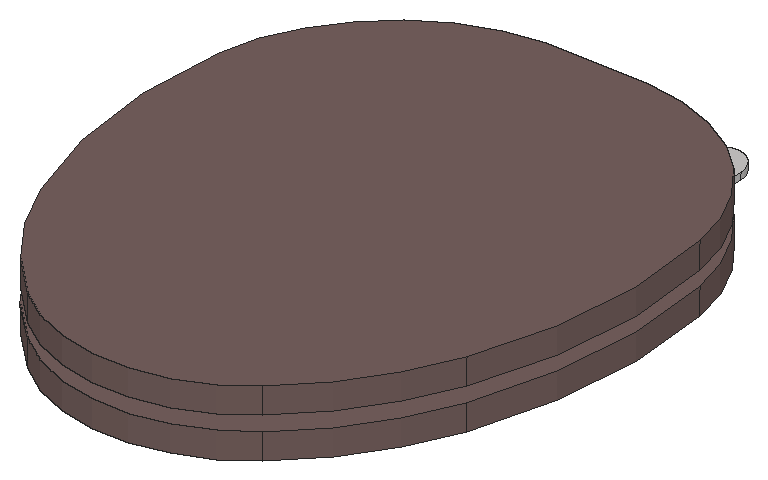
Revit family
Parameters
  Waste Connection = no
  Vent Connection = no
  URL = "http://www.totousa.com"
  Series = "SoftClose"
  Seat Material = Maple Wood
  Product URL = "http://www.totousa.com/ProductDetail/tabid/75/Default.aspx?ProductId=7e6f593f-783d-48ae-904a-da1e24e77ec1&SearchId=96825fd2-4b66-4c88-8c5b-93146a887687"
  Nominal Width = 1' - 2 1/4"  # constant formula
  Nominal Length = 1' - 6 1/2"  # constant formula
  Nominal Height = 0' - 2 19/128"  # constant formula
  Model = "SS304"
  Masking Height = 1' - 8"
  Manufacturer = "TOTO"
  Lid [instance] = yes
  Symbolic Lines [instance] = not(Lid)  # no
  HW Connection = no
  Description = "Elongated Maple Seat"
  CW Connection = no
  CADworks URL = "http://www.CADworks.net"
  Assembly Code = "D2090900"
Reference planes (in)
  plane 1 "Center (Front/Back)": y = 3.46154
  plane 2: z = -0.00274
  plane 3 "Center (Left/Right)": x = 13.51731
  plane 4: x = 6.39231
  plane 5: x = 20.64231
  plane 6: y = 12.71154
  plane 7: y = -5.78846
  plane 8: x = 10.76731
  plane 9: x = 16.26731
  plane 10: z = 2.1457
  plane 11: z = 19.99726
Forms (in)
  Extrusion 1, solid, material "Maple Wood" <- "Seat Material"
    sketch origin (13.51731, 3.46154, 0) x (-1, 0, 0) y (0, -1, 0)
      loop
        arc (6.16455, 4.07649) -> (5.02623, 6.19948) -> (3.41154, 7.98711) r 9.96061
        arc (3.41154, 7.98711) -> (0, 9.26142) -> (-3.41154, 7.98711) r 5.20376
        arc (-3.41154, 7.98711) -> (-5.02623, 6.19948) -> (-6.16455, 4.07649) r 9.96061
        arc (-6.16455, 4.07649) -> (-7.05795, 0.39335) -> (-6.95182, -3.39511) r 14.29131
        arc (-6.95182, -3.39511) -> (-5.08612, -6.82638) -> (-1.4868, -8.34273) r 5.9055
        arc (-1.4868, -8.34273) -> (-0.74376, -8.3769) -> (0, -8.38765) r 23.622
        arc (0, -8.38765) -> (0.74376, -8.3769) -> (1.4868, -8.34273) r 23.622
        arc (1.4868, -8.34273) -> (5.08612, -6.82638) -> (6.95182, -3.39511) r 5.9055
        arc (6.95182, -3.39511) -> (7.05795, 0.39335) -> (6.16455, 4.07649) r 14.29131
      loop
        arc (-1.38407, 5.72176) -> (-2.51244, 4.47254) -> (-3.30791, 2.98896) r 6.96061
        arc (-3.30791, 2.98896) -> (-4.01377, 0.07898) -> (-3.92992, -2.91421) r 11.29131
        arc (-3.92992, -2.91421) -> (-3.012, -4.60239) -> (-1.24114, -5.34844) r 2.9055
        arc (-1.24114, -5.34844) -> (0.03035, -5.38767) -> (1.30183, -5.34844) r 20.622
        arc (1.30183, -5.34844) -> (3.07269, -4.60239) -> (3.99062, -2.91421) r 2.9055
        arc (3.99062, -2.91421) -> (4.07447, 0.07898) -> (3.36861, 2.98896) r 11.29131
        arc (3.36861, 2.98896) -> (2.57313, 4.47254) -> (1.44476, 5.72176) r 6.96061
        arc (1.44476, 5.72176) -> (0.03035, 6.25009) -> (-1.38407, 5.72176) r 2.15747
    from 0.21005 to 0.96597
  Extrusion 2, solid, material "Polished Chrome", detail levels fine
    sketch origin (13.51731, 3.46154, 0) x (-1, 0, 0) y (0, -1, 0)
      loop
        arc (-3.51295, -9.15539) -> (-2.72555, -9.94279) -> (-1.93815, -9.15539) r 0.7874
        line (-1.93815, -9.15539) -> (-1.93815, -8.74879) -> (-1.20063, -8.74879)
        arc (-1.20063, -8.74879) -> (-1.1789, -8.73488) -> (-1.17044, -8.7105) r 0.03937
        line (-1.17044, -8.7105) -> (-1.17044, -8.35405)
        arc (-1.17044, -8.35405) -> (-2.36859, -8.20596) -> (-3.51295, -7.82133) r 6.00836
        line (-3.51295, -7.82133) -> (-3.51295, -9.15539)
      loop
        line (3.5705, -9.15539) -> (3.5705, -7.82133)
        arc (3.5705, -7.82133) -> (2.42614, -8.20596) -> (1.22798, -8.35405) r 6.00836
        line (1.22798, -8.35405) -> (1.22798, -8.7105)
        arc (1.22798, -8.7105) -> (1.23644, -8.73488) -> (1.25818, -8.74879) r 0.03937
        line (1.25818, -8.74879) -> (1.9957, -8.74879) -> (1.9957, -9.15539)
        arc (1.9957, -9.15539) -> (2.7831, -9.94279) -> (3.5705, -9.15539) r 0.7874
    from 0 to 0.1772
  Extrusion 3, solid, material "Polished Chrome", detail levels fine
    sketch origin (13.51731, 3.46154, 0) x (-1, 0, 0) y (0, -1, 0)
      loop
        arc (-1.58382, -8.32941) -> (-1.38191, -8.34608) -> (-1.17946, -8.35384) r 4.59882
        line (-1.17946, -8.35384) -> (-1.17946, -6.57941)
        arc (-1.17946, -6.57941) -> (-1.38164, -6.37723) -> (-1.58382, -6.57941) r 0.20218
        line (-1.58382, -6.57941) -> (-1.58382, -8.32941)
      loop
        line (1.64137, -8.32941) -> (1.64137, -6.57941)
        arc (1.64137, -6.57941) -> (1.43919, -6.37723) -> (1.23701, -6.57941) r 0.20218
        line (1.23701, -6.57941) -> (1.23701, -8.35384)
        arc (1.23701, -8.35384) -> (1.43946, -8.34608) -> (1.64137, -8.32941) r 4.59882
    from -0.00274 to 0.1772
  Extrusion 4, solid, material "Maple Wood" <- "Seat Material", detail levels fine
    sketch origin (13.44864, 3.39879, 0) x (-1, 0, 0) y (0, -1, 0)
      loop
        circle (0, 7.7392) r 0.75
      loop
        circle (0, 7.7392) r 0.5
      loop
        circle (-5.05145, 3.64862) r 0.75
      loop
        circle (-5.05145, 3.64862) r 0.5
      loop
        circle (-4.63276, -4.34041) r 0.75
      loop
        circle (-4.63276, -4.34041) r 0.5
      loop
        circle (5.05145, 3.64862) r 0.75
      loop
        circle (5.05145, 3.64862) r 0.5
      loop
        circle (4.63276, -4.34041) r 0.75
      loop
        circle (4.63276, -4.34041) r 0.5
    from 0 to 0.21005
  Extrusion 5, solid, material "Maple Wood" <- "Seat Material", visible <- "Lid"
    sketch origin (13.51731, 3.46154, 0) x (-1, 0, 0) y (0, -1, 0)
      loop
        arc (1.4868, -8.34273) -> (5.08612, -6.82638) -> (6.95182, -3.39511) r 5.9055
        arc (6.95182, -3.39511) -> (7.05795, 0.39335) -> (6.16455, 4.07649) r 14.29131
        arc (6.16455, 4.07649) -> (5.02623, 6.19948) -> (3.41154, 7.98711) r 9.96061
        arc (3.41154, 7.98711) -> (0, 9.26142) -> (-3.41154, 7.98711) r 5.20376
        arc (-3.41154, 7.98711) -> (-5.02623, 6.19948) -> (-6.16455, 4.07649) r 9.96061
        arc (-6.16455, 4.07649) -> (-7.05795, 0.39335) -> (-6.95182, -3.39511) r 14.29131
        arc (-6.95182, -3.39511) -> (-5.08612, -6.82638) -> (-1.4868, -8.34273) r 5.9055
        arc (-1.4868, -8.34273) -> (0, -8.38861) -> (1.4868, -8.34273) r 24.11417
    from 1.39767 to 2.1457
  Extrusion 6, solid, material "Polished Chrome", visible <- "Lid", detail levels fine
    sketch origin (13.51731, 0, 0) x (0, -1, 0) y (0, 0, 1)
      loop
        line (-12.45725, 0.17857) -> (-11.83485, 0.17857) -> (-11.83485, 0.57227)
        arc (-11.83485, 0.57227) -> (-11.72034, 0.84872) -> (-11.44389, 0.96323) r 0.39096
        line (-11.44389, 0.96323) -> (-9.00722, 0.96323)
        arc (-9.00722, 0.96323) -> (-8.97939, 0.97477) -> (-8.96787, 1.0026) r 0.03937
        line (-8.96787, 1.0026) -> (-8.96787, 1.3583)
        arc (-8.96787, 1.3583) -> (-8.9794, 1.38614) -> (-9.00724, 1.39767) r 0.03937
        line (-9.00724, 1.39767) -> (-12.15782, 1.39767)
        arc (-12.15782, 1.39767) -> (-12.30808, 1.34372) -> (-12.3897, 1.20652) r 0.23622
        line (-12.3897, 1.20652) -> (-12.45725, 0.85902) -> (-12.45725, 0.17857)
    from -0.89768 to 0.9417
  Revolve 7, solid, material "Maple Wood" <- "Seat Material", visible <- "Lid", detail levels fine
    sketch origin (0, 3.46154, -0.00362) x (-1, 0, 0) y (0, 0, 1)
      loop
        arc (-19.46041, 1.00422) -> (-19.43256, 0.9788) -> (-19.396, 0.96959) r 0.07723
        line (-19.396, 0.96959) -> (-18.94711, 0.96959) -> (-18.94711, 1.40112) -> (-19.55106, 1.40112) -> (-19.53793, 1.27385)
        arc (-19.53793, 1.27385) -> (-19.48696, 1.14254) -> (-19.46041, 1.00422) r 0.78059
      axis (-18.94711, 0.96959) -> (-18.94711, 1.40112)
    angle from 0 to 360
  Revolve 8, solid, material "Maple Wood" <- "Seat Material", visible <- "Lid", detail levels fine
    sketch origin (0, 3.46154, -0.00121) x (1, 0, 0) y (0, 0, 1)
      loop
        arc (7.56592, 1.0746) -> (7.57337, 1.00085) -> (7.63877, 0.96597) r 0.07874
        line (7.63877, 0.96597) -> (8.08751, 0.96597) -> (8.08751, 1.40009) -> (7.48356, 1.40009) -> (7.5005, 1.28702)
        arc (7.5005, 1.28702) -> (7.54085, 1.18316) -> (7.56592, 1.0746) r 0.77671
      axis (8.08751, 0.96597) -> (8.08751, 1.40009)
    angle from 0 to 360
Lines and regions (in)
  Masking region 1
    outline origin (-33.60769, -180, 19.99726) x (0, -1, 0) y (1, 0, 0)
      loop
        arc (-175.47443, 50.47585) -> (-177.26206, 52.09054) -> (-179.38505, 53.22886) r 9.96061
        arc (-179.38505, 53.22886) -> (-183.06819, 54.12226) -> (-186.85665, 54.01613) r 14.29131
        arc (-186.85665, 54.01613) -> (-190.28792, 52.15043) -> (-191.80427, 48.55111) r 5.9055
        arc (-191.80427, 48.55111) -> (-191.84921, 47.09465) -> (-191.80427, 45.6382) r 23.622
        arc (-191.80427, 45.6382) -> (-190.28792, 42.03888) -> (-186.85665, 40.17318) r 5.9055
        arc (-186.85665, 40.17318) -> (-183.06819, 40.06705) -> (-179.38505, 40.96045) r 14.29131
        arc (-179.38505, 40.96045) -> (-177.26206, 42.09877) -> (-175.47443, 43.71346) r 9.96061
        arc (-175.47443, 43.71346) -> (-174.21145, 47.09465) -> (-175.47443, 50.47585) r 5.15747
  symbolic lines, visible <- "Symbolic Lines"
    curve 1: arc (14.90138, -2.26022, 0) -> (13.48696, -2.78855, 0) -> (12.07254, -2.26022, 0) r 2.15747
    curve 2: arc (12.07254, -2.26022, 0) -> (10.94417, -1.011, 0) -> (10.1487, 0.47257, 0) r 6.96061
    curve 3: arc (10.1487, 0.47257, 0) -> (9.44284, 3.38256, 0) -> (9.52669, 6.37575, 0) r 11.29131
    curve 4: arc (9.52669, 6.37575, 0) -> (10.44461, 8.06393, 0) -> (12.21547, 8.80997, 0) r 2.9055
    curve 5: arc (12.21547, 8.80997, 0) -> (13.48696, 8.84921, 0) -> (14.75845, 8.80997, 0) r 20.622
    curve 6: arc (14.75845, 8.80997, 0) -> (16.52931, 8.06393, 0) -> (17.44723, 6.37575, 0) r 2.9055
    curve 7: arc (17.44723, 6.37575, 0) -> (17.53108, 3.38256, 0) -> (16.82522, 0.47257, 0) r 11.29131
    curve 8: arc (16.82522, 0.47257, 0) -> (16.02975, -1.011, 0) -> (14.90138, -2.26022, 0) r 6.96061
    curve 9: line (9.94681, 12.61692, 0) -> (9.94681, 11.28287, 0)
    curve 10: arc (11.52161, 12.61692, 0) -> (10.73421, 13.40432, 0) -> (9.94681, 12.61692, 0) r 0.7874
    curve 11: line (11.52161, 12.21033, 0) -> (11.52161, 12.61692, 0)
    curve 12: line (12.25913, 12.21033, 0) -> (11.52161, 12.21033, 0)
    curve 13: line (12.28933, 11.81559, 0) -> (12.28933, 12.17204, 0)
    curve 14: line (14.68775, 12.17204, 0) -> (14.68775, 11.81559, 0)
    curve 15: line (15.45546, 12.21033, 0) -> (14.71794, 12.21033, 0)
    curve 16: line (15.45546, 12.61692, 0) -> (15.45546, 12.21033, 0)
    curve 17: arc (17.03026, 12.61692, 0) -> (16.24286, 13.40432, 0) -> (15.45546, 12.61692, 0) r 0.7874
    curve 18: line (17.03026, 11.28287, 0) -> (17.03026, 12.61692, 0)
Dimensions and locks (in)
  locked: level to Extrusion 6 sketch curve at 0.17857
  locked: Extrusion 6 sketch curve to Extrusion 6 sketch curve at 0.6224
  locked: Extrusion 6 sketch curve to level at 0.57227
  locked: Extrusion 6 sketch curve to plane 2 at 0.96597
  locked: Extrusion 3 sketch curve to plane 3 "Center (Left/Right)" at 1.58382  (x2)
  locked: Extrusion 3 sketch curve to plane 3 "Center (Left/Right)" at 1.17946
  locked: plane 3 "Center (Left/Right)" to Extrusion 3 sketch curve at 1.23701
  locked: plane 3 "Center (Left/Right)" to Extrusion 3 sketch curve at 1.64137
  locked: Extrusion 2 sketch curve to plane 3 "Center (Left/Right)" at 1.17044
  locked: plane 3 "Center (Left/Right)" to Extrusion 2 sketch curve at 1.22798
  plane 3 "Center (Left/Right)" to Extrusion 2 sketch curve = 0' - 1.22798"
  locked: Extrusion 1 sketch curve to Extrusion 1 sketch curve at 6.67652
  locked: Extrusion 1 sketch curve to Extrusion 1 sketch curve at 7.92054
  "Nominal Width": plane 4 to plane 5
  equal spacing: plane 4, plane 3 "Center (Left/Right)", plane 5
  "Nominal Length": plane 7 to plane 6
  equal spacing: plane 7, plane 1 "Center (Front/Back)", plane 6
  "Nominal Height": plane 2 to plane 10
  equal spacing: plane 8, plane 3 "Center (Left/Right)", plane 9, locked at 2.75 each
  locked: plane 10 to Extrusion 5 at 0.74803
  locked: plane 10 to Revolve 8 at 1.07231
  locked: plane 10 to Extrusion 1 at 1.17973  (x2)
  locked: Extrusion 6 to plane 2 at 0.18131
  Extrusion 4 to plane 2 = 0' - 0.00274"
  locked: plane 10 to Revolve 7 at 0.7482
  locked: plane 10 to Revolve 7 at 1.1451
  locked: Extrusion 1 sketch curve to plane 6 at 0.90727
  locked: Extrusion 1 sketch curve to plane 6 at 5.85489
  locked: plane 1 "Center (Front/Back)" to Extrusion 1 sketch curve at 4.07649
  locked: plane 1 "Center (Front/Back)" to Extrusion 1 sketch curve at 7.98711
  locked: plane 10 to Revolve 7 sketch curve at 0.87548
  locked: plane 10 to Revolve 7 sketch curve at 1.1451
  locked: Revolve 7 sketch curve to plane 9 at 2.6798
  plane 10 to Revolve 8 sketch curve = 0' - 0.85989"
  plane 10 to Revolve 8 sketch curve = 0' - 1.07231"
  locked: Extrusion 4 sketch curve to plane 3 "Center (Left/Right)" at 0.06867  (x2)
  locked: plane 7 to Extrusion 4 sketch curve at 1.44805  (x2)
  locked: Extrusion 4 sketch curve to plane 5 at 1.39222
  locked: Extrusion 4 sketch curve to plane 5 at 2.14222
  locked: plane 7 to Extrusion 4 sketch curve at 5.53863  (x2)
  locked: Extrusion 4 sketch curve to plane 5 at 1.64222
  locked: Extrusion 4 sketch curve to plane 5 at 1.81091
  locked: Extrusion 4 sketch curve to plane 5 at 2.06091
  locked: Extrusion 4 sketch curve to plane 6 at 4.97233  (x2)
  Extrusion 4 sketch curve to plane 6 = 0' - 4.97233"
  locked: Extrusion 4 sketch curve to plane 6 at 4.22233
  locked: plane 4 to Extrusion 4 sketch curve at 2.42357  (x2)
  locked: plane 7 to Extrusion 4 sketch curve at 4.78863
  locked: plane 4 to Extrusion 4 sketch curve at 2.50488
  locked: plane 4 to Extrusion 4 sketch curve at 2.00488
  locked: Extrusion 6 sketch curve to plane 6 at 0.25429
  Extrusion 6 sketch curve to plane 6 = 0' - 0.87669"  (x2)
  Extrusion 6 sketch curve to plane 10 = 0' - 1.18247"
  Extrusion 3 sketch curve to plane 3 "Center (Left/Right)" = 0' - 1.64137"
  Extrusion 1 sketch curve to Extrusion 1 sketch curve = 0' - 6.67652"
  Extrusion 1 sketch curve to Extrusion 1 sketch curve = 0' - 7.92054"
  locked: Extrusion 1 sketch curve to Extrusion 1 sketch curve at 3.74133
  locked: Extrusion 1 sketch curve to plane 3 "Center (Left/Right)" at 3.99062
  locked: plane 4 to Extrusion 2 sketch curve at 3.5545
  locked: Extrusion 2 sketch curve to plane 5 at 3.61205
  locked: Extrusion 2 sketch curve to plane 6 at 0.09461  (x2)
  locked: plane 6 to Extrusion 2 sketch curve at 0.50121
  plane 3 "Center (Left/Right)" to Extrusion 2 sketch curve = 0' - 1.17044"
  Extrusion 2 sketch curve to plane 3 "Center (Left/Right)" = 0' - 1.22798"
  plane 4 to Extrusion 2 sketch curve = 0' - 3.5545"
  locked: Extrusion 6 sketch curve to plane 6 at 3.74367
  locked: Extrusion 6 sketch curve to plane 10 at 0.74803
  locked: Extrusion 6 sketch curve to plane 10 at 1.18247
  Extrusion 6 sketch curve to plane 6 = 0' - 0.25429"
  locked: Extrusion 1 to plane 10 at 1.93565
  locked: Extrusion 4 to plane 2 at 0.21279
  locked: plane 4 to Extrusion 5 sketch curve at 0.17318
  "Masking Height": plane 11 to plane 2
  locked: Extrusion 1 sketch curve to plane 8 at 0.66154
  locked: Extrusion 1 sketch curve to plane 5 at 5.74093
  locked: plane 3 "Center (Left/Right)" to Extrusion 1 sketch curve at 1.4868
  locked: Extrusion 1 sketch curve to plane 3 "Center (Left/Right)" at 1.4868
  aligned: Extrusion 1 to level
  aligned: level to Extrusion 4
  aligned and locked: Extrusion 2 to Extrusion 3
  aligned and locked: Masking region 1 sketch curve to Extrusion 1  (x4)
  aligned and locked: curve 1 to Extrusion 1
  aligned and locked: curve 2 to Extrusion 1
  aligned and locked: curve 3 to Extrusion 1
  aligned and locked: curve 4 to Extrusion 1
  aligned and locked: curve 5 to Extrusion 1
  aligned and locked: curve 6 to Extrusion 1
  aligned and locked: curve 7 to Extrusion 1
  aligned and locked: curve 8 to Extrusion 1
  aligned and locked: Extrusion 5 to plane 10
  aligned: Revolve 8 to Extrusion 5
  aligned and locked: Extrusion 6 to Extrusion 5
  aligned and locked: Extrusion 1 to Revolve 7 sketch curve
  aligned: Extrusion 5 to Revolve 8 sketch curve
  aligned: Revolve 8 sketch curve to Extrusion 1
  aligned and locked: Extrusion 4 to level
  aligned and locked: Extrusion 2 to level
  aligned and locked: curve 10 to Extrusion 2
  aligned and locked: curve 11 to Extrusion 2
  aligned and locked: curve 12 to Extrusion 2
  aligned and locked: curve 13 to Extrusion 2
  aligned and locked: curve 14 to Extrusion 2
  aligned and locked: curve 15 to Extrusion 2
  aligned and locked: curve 17 to Extrusion 2
  aligned and locked: curve 18 to Extrusion 2
  aligned and locked: Extrusion 3 to plane 2
Automatic sketch dimensions
  Extrusion 2 sketch curve to Extrusion 2 sketch curve = 0' - 0.03019"  (x2)
  Extrusion 2 sketch curve to Extrusion 2 sketch curve = 0' - 0.00918"  (x2)
  Extrusion 2 sketch curve to Extrusion 2 sketch curve = 0' - 0.72835"  (x2)
  Extrusion 2 sketch curve to plane 3 "Center (Left/Right)" = 0' - 1.03624"
  plane 3 "Center (Left/Right)" to Extrusion 2 sketch curve = 0' - 1.09378"
  Extrusion 2 sketch curve to Extrusion 2 sketch curve = 0' - 0.4066"
  Extrusion 2 sketch curve to Extrusion 2 sketch curve = 0' - 0.35645"  (x2)
  Extrusion 2 sketch curve to Extrusion 2 sketch curve = 0' - 1.33405"  (x2)
  Extrusion 3 sketch curve to plane 3 "Center (Left/Right)" = 0' - 1.1046"
  plane 3 "Center (Left/Right)" to Extrusion 3 sketch curve = 0' - 1.16214"
  plane 1 "Center (Front/Back)" to Extrusion 3 sketch curve = 0' - 8.35384"
  Extrusion 3 sketch curve to Extrusion 3 sketch curve = 0' - 0"
  Extrusion 3 sketch curve to Extrusion 3 sketch curve = 0' - 0.02443"  (x2)
  Extrusion 3 sketch curve to Extrusion 3 sketch curve = 0' - 1.77443"
  Extrusion 3 sketch curve to Extrusion 3 sketch curve = 0' - 1 3/4"
  Extrusion 4 sketch curve to Extrusion 4 sketch curve = 0' - 0"  (x7)
  Extrusion 6 sketch curve to Extrusion 6 sketch curve = 0' - 0.06755"
  Extrusion 6 sketch curve to Extrusion 6 sketch curve = 0' - 0.23188"
  Extrusion 6 sketch curve to Extrusion 6 sketch curve = 0' - 0"
  Extrusion 6 sketch curve to Extrusion 6 sketch curve = 0' - 0.00002"
  Extrusion 6 sketch curve to Extrusion 6 sketch curve = 0' - 0.03937"
  Extrusion 6 sketch curve to Extrusion 6 sketch curve = 0' - 0.3475"
  Extrusion 6 sketch curve to Extrusion 6 sketch curve = 0' - 0.04507"
  plane 5 to Revolve 7 sketch curve = 0' - 0.40515"
  Revolve 7 sketch curve to Revolve 7 sketch curve = 0' - 0.01314"
  Revolve 7 sketch curve to Revolve 7 sketch curve = 0' - 0.07751"
  Revolve 7 sketch curve to Revolve 7 sketch curve = 0' - 0.06441"
  Revolve 7 sketch curve to Revolve 7 sketch curve = 0' - 0.44889"
  Revolve 7 sketch curve to Revolve 7 sketch curve = 0' - 0"
  Revolve 7 sketch curve to Revolve 7 sketch curve = 0' - 0.44813"
  Revolve 7 sketch curve to Revolve 7 sketch curve = 0' - 0.12728"
  Revolve 7 sketch curve to Revolve 7 sketch curve = 0' - 1.27188"
  plane 4 to Revolve 8 sketch curve = 0' - 0 13/32"
  Revolve 8 sketch curve to Revolve 8 sketch curve = 0' - 0.68502"
  Revolve 8 sketch curve to Revolve 8 sketch curve = 0' - 0.01694"
  Revolve 8 sketch curve to Revolve 8 sketch curve = 0' - 0.06542"
  Revolve 8 sketch curve to Revolve 8 sketch curve = 0' - 0.07285"
  Revolve 8 sketch curve to Revolve 8 sketch curve = 0' - 0.44874"
  Revolve 8 sketch curve to Revolve 8 sketch curve = 0' - 0"
  Revolve 8 sketch curve to Revolve 8 sketch curve = 0' - 0.4445"
  Revolve 8 sketch curve to Revolve 8 sketch curve = 0' - 1.27551"
  Revolve 8 sketch curve to level = 0' - 0.52025"
  Revolve 8 sketch curve to Revolve 8 sketch curve = 0' - 0.11307"
  plane 6 to curve 9 = 0' - 1.42867"
  curve 11 to curve 12 = 0' - 0.73752"
  plane 6 to curve 12 = 0' - 0.50121"
  curve 13 to curve 12 = 0' - 0.39474"
  curve 13 to curve 12 = 0' - 0.03829"
  plane 6 to curve 14 = 0' - 0.89595"
  curve 14 to curve 14 = 0' - 0.35645"
  curve 14 to curve 15 = 0' - 0.03019"
  curve 18 to curve 17 = 0' - 1.33405"
  Extrusion 5 sketch curve to plane 3 "Center (Left/Right)" = 0' - 0"  (x2)
  plane 6 to Extrusion 5 sketch curve = 0' - 0.90727"  (x2)
  Extrusion 5 sketch curve to Extrusion 5 sketch curve = 0' - 0"  (x7)
  plane 9 to Extrusion 5 sketch curve = 0' - 0.36855"
  plane 9 to Extrusion 5 sketch curve = 0' - 0.66154"
  plane 5 to Extrusion 5 sketch curve = 0' - 0.96045"
  plane 5 to Extrusion 5 sketch curve = 0' - 0.17318"
  Extrusion 5 sketch curve to plane 5 = 0' - 0.02968"
  plane 3 "Center (Left/Right)" to Extrusion 5 sketch curve = 0' - 1.12269"
  plane 3 "Center (Left/Right)" to Extrusion 5 sketch curve = 0' - 1.4868"
  Extrusion 5 sketch curve to plane 8 = 0' - 0.36855"
  Extrusion 5 sketch curve to plane 8 = 0' - 0.66154"
  Extrusion 5 sketch curve to plane 4 = 0' - 0.96045"
  plane 4 to Extrusion 5 sketch curve = 0' - 0.02968"
  plane 1 "Center (Front/Back)" to Extrusion 5 sketch curve = 0' - 3.39511"
  Extrusion 1 sketch curve to Extrusion 1 sketch curve = 0' - 0"  (x20)
  Extrusion 1 sketch curve to plane 3 "Center (Left/Right)" = 0' - 0"  (x2)
  plane 5 to Extrusion 1 sketch curve = 0' - 0.96045"
  plane 5 to Extrusion 1 sketch curve = 0' - 0.17318"
  Extrusion 1 sketch curve to plane 5 = 0' - 0.02968"
  plane 9 to Extrusion 1 sketch curve = 0' - 0.66154"
  plane 9 to Extrusion 1 sketch curve = 0' - 0.55791"
  plane 9 to Extrusion 1 sketch curve = 0' - 0.36855"
  Extrusion 1 sketch curve to plane 3 "Center (Left/Right)" = 0' - 1.24114"
  Extrusion 1 sketch curve to plane 3 "Center (Left/Right)" = 0' - 1.12269"
  Extrusion 1 sketch curve to Extrusion 1 sketch curve = 0' - 0.06069"  (x2)
  Extrusion 1 sketch curve to plane 3 "Center (Left/Right)" = 0' - 0.03035"
  plane 3 "Center (Left/Right)" to Extrusion 1 sketch curve = 0' - 0.03035"  (x2)
  plane 3 "Center (Left/Right)" to Extrusion 1 sketch curve = 0' - 1.12269"
  Extrusion 1 sketch curve to plane 8 = 0' - 0.36855"
  plane 4 to Extrusion 1 sketch curve = 0' - 0.02968"
  Extrusion 1 sketch curve to Extrusion 1 sketch curve = 0' - 0.03495"
  plane 6 to Masking region 1 sketch curve = 0' - 0.90727"
  Masking region 1 sketch curve to Masking region 1 sketch curve = 0' - 0"  (x4)
  plane 5 to Masking region 1 sketch curve = 0' - 0.23387"
  Masking region 1 sketch curve to Masking region 1 sketch curve = 0' - 2.29089"
  plane 4 to Masking region 1 sketch curve = 0' - 0.09037"
  Masking region 1 sketch curve to plane 8 = 0' - 0.42924"
  Masking region 1 sketch curve to plane 1 "Center (Front/Back)" = 0' - 0.46569"
  plane 3 "Center (Left/Right)" to Masking region 1 sketch curve = 0' - 0.03035"
  Masking region 1 sketch curve to plane 1 "Center (Front/Back)" = 0' - 4.09262"
  radius of Extrusion 4 sketch curve = 0' - 0 3/4"
  radius of Extrusion 4 sketch curve = 0' - 0 1/2"  (x3)
